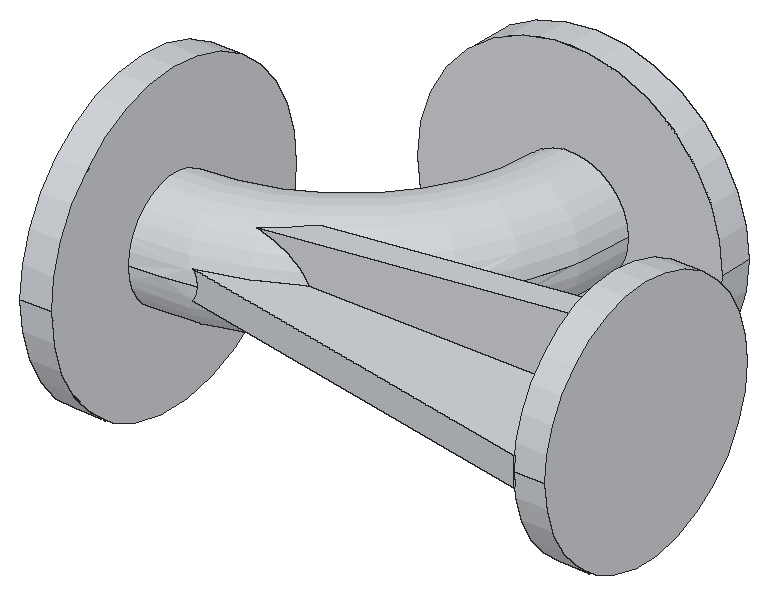
Revit family "M_Base redonda de cotovelo - Flange - GI - Classe 125", category Conexões de tubo, Revit 2019
Family settings
  Cota do conector redondo = Usar raio
  Tipo de parte = Cotovelo
  Número OmniClass = 23.60.30.11.14
  Título OmniClass = Pipework Fittings
  ID de item do Seek = Elbow Round Base - Flanged - GI - Class 125-0000-CAN-ENU
  Com base no plano de trabalho = Não
  Sempre na vertical = Sim
  Corte com vazios quando carregada = Não
  Compartilhado = Não
Parameters (values of type "Padrão")
  Espessura da parede [instance] = size_lookup(Nome da tabela de pesquisa, "WThk", 0.04 * Diâmetro nominal + 7.938 mm, Diâmetro nominal)  # 7.9 mm
  Tamanho da marca de revisão [instance] = Diâmetro da flange * 0.4  # 43.2 mm
  Raio da base redonda [instance] = Diâmetro da base redonda / 2  # 44.5 mm
  Diâmetro da base redonda [instance] = size_lookup(Nome da tabela de pesquisa, "RBD", 0.49 * Diâmetro nominal + 96.341 mm, Diâmetro nominal)  # 89 mm
  Espessura das nervuras [instance] = size_lookup(Nome da tabela de pesquisa, "RThk", 0.04 * Diâmetro nominal + 10.815 mm, Diâmetro nominal)  # 10 mm
  Método de perda = Coeficiente K da tabela
  Nome da tabela de pesquisa = "M_Elbow Round Base - Flanged - GI - Class 125"
  Comprimento 5 [instance] = Centro à face * sin(Ângulo)  # 89 mm
  Comprimento 4 [instance] = Centro à face * cos(Ângulo) + Centro à face  # 89 mm
  Comprimento 3 [instance] = sqrt(2 * Espessura das nervuras * Raio do centro - Espessura das nervuras * Espessura das nervuras)  # 38.184 mm
  Comprimento 2 [instance] = if(Raio da base redonda * 0.3 < Raio externo da conexão * 0.8, Raio da base redonda * 0.3, Raio externo da conexão * 0.8)  # 13.35 mm
  Tabela de coeficiente K = "Cotovelo regular flangeado 90 e 180"
  Raio externo da conexão [instance] = Diâmetro externo da conexão / 2  # 20.4 mm
  Diâmetro externo da conexão [instance] = Diâmetro interno da conexão + Espessura da parede * 2  # 40.8 mm
  Comprimento 1 [instance] = (Raio externo da conexão + 0.794 mm) * tan(Ângulo / 2) + Espessura do flange  # 32.294 mm
  Raio nominal [instance] = 12.5 mm
  Diâmetro nominal [instance] = Raio nominal * 2  # 25 mm
  Diâmetro interno da conexão [instance] = size_lookup(Nome da tabela de pesquisa, "FID", 1.02 * Diâmetro nominal - 1.091 mm, Diâmetro nominal)  # 25 mm
  Centro à face 1 [instance] = size_lookup(Nome da tabela de pesquisa, "CtF1", 0.68 * Diâmetro nominal + 95.647 mm, Diâmetro nominal)  # 89 mm
  Centro à face 2 [instance] = size_lookup(Nome da tabela de pesquisa, "CtF2", 0.46 * Diâmetro nominal + 40.481 mm, Diâmetro nominal)  # 45 mm
  Centro à face [instance] = if(and(Ângulo > 0.00°, (not(Ângulo > 45.00°))), if(Centro à face 2 > Raio externo da conexão * tan(Ângulo / 2) + Espessura do flange, Centro à face 2, Comprimento 1), if(Centro à face 1 > Raio externo da conexão * tan(Ângulo / 2) + Espessura do flange, Centro à face 1, Comprimento 1))  # 89 mm
  Centro à base [instance] = size_lookup(Nome da tabela de pesquisa, "CtB", 0.68 * Diâmetro nominal + 73.025 mm, Diâmetro nominal)  # 89 mm
  Raio do centro [instance] = (Centro à face - Espessura do flange) / tan(Ângulo / 2)  # 77.9 mm
  Espessura do flange [instance] = size_lookup(Nome da tabela de pesquisa, "FThk", 0.05 * Diâmetro nominal + 15.974 mm, Diâmetro nominal)  # 11.1 mm
  Raio da flange [instance] = Diâmetro da flange / 2  # 54 mm
  Diâmetro da flange [instance] = size_lookup(Nome da tabela de pesquisa, "FDia", 1.19 * Diâmetro nominal + 100.806 mm, Diâmetro nominal)  # 108 mm
  Espessura base [instance] = size_lookup(Nome da tabela de pesquisa, "BThk", 0.036 * Diâmetro nominal + 11.906 mm, Diâmetro nominal)  # 11 mm
  Assembly Code = ""
  Ângulo [instance] = 90.00°
Reference planes
  plane 1 "Centro (Frente/Trás)": y = 0
  plane 2: z = 0
  plane 3 "Centro (Esquerda/Direita)": x = 0
  plane 4: x = -77.9
  plane 5: x = -89
  plane 6: y = 77.9
  plane 7: y = 43.2
  plane 8: y = -43.2
  plane 9: x = 78
  plane 10: x = 89
  plane 11: z = 5
  plane 12: z = -5
  plane 13: y = -5
  plane 14: y = 5
  plane 15: x = -39.716
  plane 16: y = 10
  plane 17: x = 0
  plane 18: y = 89
Forms (mm)
  Sweep 1, solid, detail levels fine
    path in 3D
      loop
        arc (-77.9, 0, 0) -> (-22.816, 22.816, 0) -> (0, 77.9, 0) r 77.9
    profile origin (-22.816, 22.816, 0) x (-0.707107, 0.707107, 0) y (0, 0, 1)
      loop
        circle (0, 0) r 20.4
  Sweep 2, solid, detail levels fine
    path in 3D
      loop
        line (-89, 0, 0) -> (-77.9, 0, 0)
    profile origin (-83.45, 0, 0) x (0, 1, 0) y (0, 0, 1)
      loop
        circle (0, 0) r 54
  Sweep 3, solid, detail levels fine
    path in 3D
      loop
        line (0, 77.9, 0) -> (0, 89, 0)
    profile origin (0, 83.45, 0) x (-1, 0, 0) y (0, 0, 1)
      loop
        circle (0, 0) r 54
  Extrusion 4, solid, detail levels fine
    sketch origin (0, 0, 0) x (0, 1, 0) y (0, 0, 1)
      loop
        circle (0, 0) r 44.5
    from 78 to 89
  Extrusion 5, solid, detail levels fine
    sketch origin (0, 0, 0) x (1, 0, 0) y (0, 1, 0)
      loop
        line (-77.9, 13.35) -> (-77.9, -13.35) -> (78, -44.5) -> (78, 44.5) -> (-77.9, 13.35)
    from -5 to 5
  Extrusion 6, solid, detail levels fine
    sketch origin (0, 0, 0) x (1, 0, 0) y (0, 0, 1)
      loop
        line (-77.9, 13.35) -> (-77.9, -13.35) -> (78, -29.768) -> (78, 29.768) -> (-77.9, 13.35)
    from -5 to 5
Cuts and joins
  joined: Sweep 1, Sweep 2, Sweep 3, Extrusion 4, Extrusion 5, Extrusion 6
Lines and regions (mm)
  model lines, detail levels coarse+medium
    curve 1: line (-89, 0, 0) -> (-77.9, 0, 0)
    curve 2: arc (-77.9, 0, 0) -> (-22.816, 22.816, 0) -> (0, 77.9, 0) r 77.9
    curve 3: line (0, 77.9, 0) -> (0, 89, 0)
    curve 8: line (-89, 0, 0) -> (-89, 43.2, 0)
    curve 9: line (-89, 0, 0) -> (-89, -43.2, 0)
    curve 10: line (0, 89, 0) -> (-43.2, 89, 0)
    curve 11: line (0, 89, 0) -> (43.2, 89, 0)
    curve 12: line (-77.9, 0, 0) -> (89, 0, 0)
    curve 14: line (-39.716, 10, 0) -> (89, 10, 0)
  sketch lines
    curve 4: arc (-77.9, 0, 0) -> (-22.816, 22.816, 0) -> (0, 77.9, 0) r 77.9
    curve 5: line (-89, 0, 0) -> (-77.9, 0, 0)
    curve 6: line (0, 77.9, 0) -> (0, 89, 0)
  reference lines
    curve 7: line (-89, 0, 0) -> (-77.9, 0, 0)
    curve 13: line (0, 89, 0) -> (0, 77.9, 0)
Dimensions and locks
  "Raio do centro": plane 6 to plane 1 "Centro (Frente/Trás)"
  "Espessura do flange": plane 5 to plane 4
  "Tamanho da marca de revisão": plane 7 to plane 1 "Centro (Frente/Trás)"
  "Tamanho da marca de revisão": plane 8 to plane 1 "Centro (Frente/Trás)"
  "Espessura do flange": curve 3 to curve 3
  "Tamanho da marca de revisão": curve 10 to curve 10
  "Tamanho da marca de revisão": curve 11 to curve 11
  "Centro à face": plane 5 to plane 3 "Centro (Esquerda/Direita)"
  "Centro à base": plane 3 "Centro (Esquerda/Direita)" to plane 10
  "Espessura base": plane 9 to plane 10
  equal spacing: Extrusion 5 sketch curve, plane 1 "Centro (Frente/Trás)", Extrusion 5 sketch curve  (x2)
  "Diâmetro da base redonda": Extrusion 5 sketch curve to Extrusion 5 sketch curve
  "Comprimento 2": plane 1 "Centro (Frente/Trás)" to Extrusion 5 sketch curve
  equal spacing: plane 11, plane 2, plane 12
  "Espessura das nervuras": plane 11 to plane 12
  equal spacing: Extrusion 6 sketch curve, plane 2, Extrusion 6 sketch curve  (x2)
  "Comprimento 2": Extrusion 6 sketch curve to plane 2
  equal spacing: plane 13, plane 1 "Centro (Frente/Trás)", plane 14
  "Espessura das nervuras": plane 13 to plane 14
  "Comprimento 3": plane 4 to plane 15
  "Espessura das nervuras": plane 1 "Centro (Frente/Trás)" to plane 16
  "Comprimento 4": plane 5 to plane 17
  "Comprimento 5": plane 18 to plane 1 "Centro (Frente/Trás)"
  "Raio do centro": radius of curve 2
  "Raio externo da conexão": radius of Sweep 1 sketch curve
  "Raio da flange": radius of Sweep 2 sketch curve
  "Raio da flange": radius of Sweep 3 sketch curve
  "Raio da base redonda": radius of Extrusion 4 sketch curve
  "Ângulo": angle curve 2 to curve 2
  "Ângulo": angle plane 1 "Centro (Frente/Trás)" to curve 3
  locked: curve 11 to curve 3 (angle 90.00°)
  locked: curve 3 to curve 10 (angle 90.00°)
  "Ângulo": angle plane 18 to curve 13
  aligned and locked: plane 5 to curve 7
  aligned and locked: plane 1 "Centro (Frente/Trás)" to curve 7
  aligned and locked: plane 7 to curve 8
  aligned and locked: plane 1 "Centro (Frente/Trás)" to curve 9
  aligned and locked: plane 8 to curve 9
  aligned and locked: curve 9 to plane 5
  aligned and locked: plane 2 to Extrusion 4 sketch curve
  aligned and locked: plane 1 "Centro (Frente/Trás)" to Extrusion 4 sketch curve
  aligned and locked: Extrusion 4 to plane 9
  aligned and locked: plane 10 to Extrusion 4
  aligned and locked: plane 9 to Extrusion 5 sketch curve
  aligned and locked: Extrusion 5 to plane 12
  aligned and locked: plane 11 to Extrusion 5
  aligned and locked: plane 9 to Extrusion 6 sketch curve
  aligned and locked: Extrusion 6 to plane 13
  aligned and locked: plane 14 to Extrusion 6
  aligned and locked: plane 4 to curve 12
  aligned and locked: plane 10 to curve 12
  aligned and locked: plane 1 "Centro (Frente/Trás)" to curve 12
  aligned and locked: plane 17 to curve 13
  aligned and locked: plane 18 to curve 13
  aligned and locked: plane 15 to curve 14
  aligned and locked: plane 10 to curve 14
  aligned and locked: curve 14 to plane 16
Automatic sketch dimensions
  Sweep 1 sketch curve to profile plane = 0 mm  (x2)
  Sweep 2 sketch curve to profile plane = 0 mm  (x2)
  Sweep 3 sketch curve to profile plane = 0 mm  (x2)
  Extrusion 6 sketch curve to plane 12 = 24.768 mm
  curve 7 to plane 4 = 0 mm
  Extrusion 5 sketch curve to plane 4 = 0 mm
  Extrusion 6 sketch curve to plane 4 = 0 mm
Connectors
  piping at (-89, 0, 0), diameter 25, driven by "Ângulo", driven by "Raio nominal"
    settings: on cut or joined group of Sweep 1, Sweep 2, Sweep 3, Extrusion 4, Extrusion 5, Extrusion 6, index 1, connector inside diameter 25 mm, connector length 0 mm, flow factor 0, pipe flow 0.0 L/s, pressure drop 0.0 Pa, fitting loss kfactor 0, connector angle 90.00°, fixture units 0, engagement length 0 mm, angle of deflection 0.00°, flow configuration 0, flow direction 0, fitting loss method 0, system type 28, joint type 0, gender type 0, connector reference index 2, connector utility 0, adjustable connector no, is connector primary yes, connector description ""
  piping at (0, 89, 0), diameter 25, driven by "Ângulo", driven by "Raio nominal"
    settings: on cut or joined group of Sweep 1, Sweep 2, Sweep 3, Extrusion 4, Extrusion 5, Extrusion 6, index 2, connector inside diameter 25 mm, connector length 0 mm, flow factor 0, pipe flow 0.0 L/s, pressure drop 0.0 Pa, fitting loss kfactor 0, connector angle 90.00°, fixture units 0, engagement length 0 mm, angle of deflection 0.00°, flow configuration 0, flow direction 0, fitting loss method 0, system type 28, joint type 0, gender type 0, connector reference index 1, connector utility 0, adjustable connector no, is connector primary no, connector description ""
